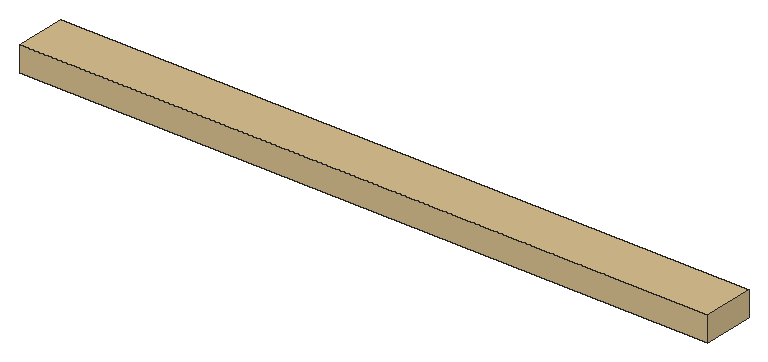
Revit family "EFBeam", category Structural Framing, Revit 2020
Family settings
  Structural Framing Length Roundoff = 0' - 0"
  Section Shape = Not Defined
  Material for Model Behavior = Wood
  Always export as geometry = No
  OmniClass Number = 23.25.30.11.14.14
  OmniClass Title = Beams
  Always vertical = Yes
  Cut with Voids When Loaded = No
  Symbolic Representation = From Project Settings
  Shared = No
  Show family pre-cut in plan views = Yes
Parameters (values of type "4X2 EFSill")
  Type Comments = "2x4"
  Structural Material = Dimensional Lumber
  Pipeline = "2x4"
  Description = "Dimension Lumber"
  A = 5.25 in²
  Assembly Code = "B10"
  Length [instance] = 5' - 0"
  b = 0' - 3 1/2"
  d = 0' - 1 3/4"
Types (5): name | b | d
  2x4 RIM Board | 0' - 1 1/2" | 0' - 3 1/2"
  4X2 Rim Board | 0' - 3 1/2" | 0' - 1 1/2"
  4X10 Rim Board | 0' - 3 1/2" | 0' - 7"
  4X2 EF | 0' - 3 1/2" | 0' - 2"
  4X2 EFSill | 0' - 3 1/2" | 0' - 1 3/4"
Reference planes (in)
  plane 1 "Center (Front/Back)": y = 0
  plane 2: z = 0
  plane 3 "Center (Left/Right)": x = 0.1815
  plane 4 "Member Left": x = -23.8185
  plane 5 "Member Right": x = 24.1815
  plane 6: y = 1.75
  plane 7: y = -1.75
  plane 8: z = 0.875
  plane 9: z = -0.875
  plane 10 "Left": x = -29.8185
  plane 11 "Stick Symbol Left": x = -17.8185
  plane 12 "Stick Symbol Right": x = 18.1815
  plane 13 "Right": x = 30.1815
Forms (in)
  Sweep 1, solid, material "Dimensional Lumber" <- "Structural Material", detail levels medium+fine
    path origin (0, 0, 0) x (1, 0, 0) y (0, 1, 0)
      loop
        line (24.1815, 0) -> (-23.8185, 0)
    profile "Rectangular Wood Beam-Profile : Rectangular Wood Beam-Profile" origin (0.1815, 0, 0) x (0, -1, 0) y (0, 0, 1)
      loop
        line (-1.75, -0.875) -> (1.75, -0.875) -> (1.75, 0.875) -> (-1.75, 0.875) -> (-1.75, -0.875)
Lines and regions (in)
  symbolic lines, style "Stick Symbols", detail levels coarse
    curve 1: line (0.1815, 1.75, 0.875) -> (0.1815, -1.75, 0.875)
    curve 2: line (0.1815, -1.75, -0.875) -> (0.1815, 1.75, -0.875)
    curve 3: line (0.1815, -1.75, 0.875) -> (0.1815, -1.75, -0.875)
    curve 4: line (0.1815, 1.75, -0.875) -> (0.1815, 1.75, 0.875)
  symbolic lines, style "Stick Symbols", detail levels medium
    curve 5: line (-23.8185, 0, 0.875) -> (24.1815, 0, 0.875)
Dimensions and locks (in)
  "b": plane 6 to plane 7
  "d": plane 9 to plane 8
  equal spacing: plane 9, plane 2, plane 8
  equal spacing: plane 6, plane 1 "Center (Front/Back)", plane 7
  "Length": plane 10 "Left" to plane 13 "Right"
  aligned and locked: Sweep 1 sketch curve to plane 1 "Center (Front/Back)"
  aligned and locked: curve 1 to Sweep 1
  aligned and locked: curve 2 to Sweep 1
  aligned and locked: curve 3 to Sweep 1
  aligned and locked: curve 4 to Sweep 1
  aligned and locked: plane 4 "Member Left" to Sweep 1 sketch curve
  aligned and locked: plane 5 "Member Right" to Sweep 1 sketch curve
  aligned and locked: plane 4 "Member Left" to curve 5
  aligned and locked: plane 5 "Member Right" to curve 5
  aligned and locked: plane 1 "Center (Front/Back)" to curve 5
